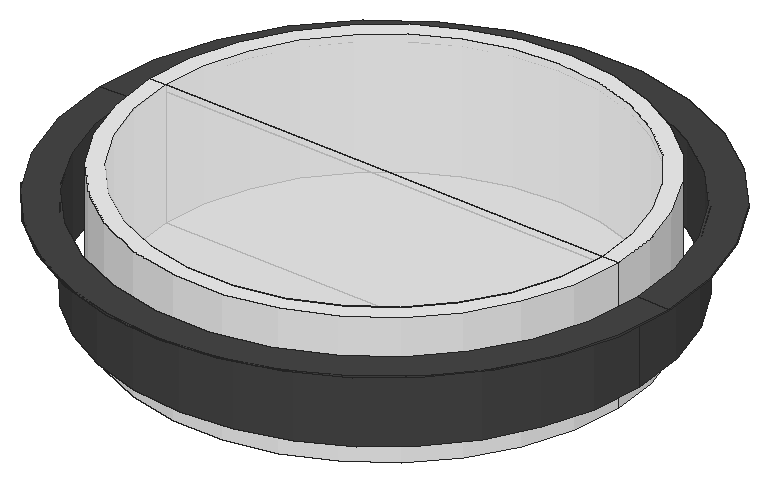
Revit family "Lighting_Fixture-Prudential_Lighting-P4000_Semi_recessed", category Lighting Fixtures, host Face, Revit 2015
Parameters (values of type "Not a Type - Load Type Catalog")
  Wattage Comments = "18W per Lamp"
  Wattage = 9.2903 W
  built-in parameter 1150110 = 1 (stored number, unit not read)
  Voltage = 120 V
  URL = "http://www.prulite.com"
  Total Lumens = 3750 lm
  built-in parameter 1114217 = 1 (stored number, unit not read)
  Tilt Angle = 90.00° - Fixture Rotation  # 90.00°
  built-in parameter 1150109 = 1 (stored number, unit not read)
  built-in parameter 1150134 = 3
  built-in parameter 1150113 = 1 (stored number, unit not read)
  Shielding Material = Acrylic - Prudential Lighting - White
  Semi Recessed = 0' - 4"
  Product Page URL = "http://www.prulite.com/product/p4000-semi-recessed/"
  Product Name = "Sky Oculus P4000"  # constant formula
  Product Documentation Link = "http://www.prulite.com/prod/f/3165/P4000_Semi-Recess-spec.pdf"
  Power Factor = 1
  Photometric Web File = "generic"
  Phase = 1
  Overall Height [instance] = if(Convex Shielding, 0' 6", 0' 5")  # 0' - 5"
  Recessed Kit = Nominal Diameter + 0' 1 5/8"  # 1' - 7 5/8"
  Number of Poles = 1
  built-in parameter 1150142 = (empty or 0)
  Nominal Diameter = 1' - 6"
  Model = "P4018-3BX18w-WA-YGW-D1-SUR"
  Material = ""
  Manufacturer = "Prudential Lighting"  # constant formula
  built-in parameter 1150105 = 109.82 (stored number, unit not read)
  Lumens = 1380 lm
  built-in parameter 1150115 = 1 (stored number, unit not read)
  Load Classification = Lighting
  Light Rotation Location = if(Fixture Rotation < 9.50°, 0' 0", 0' 0 1/2")  # 0' - 0"
  built-in parameter 1150137 = (empty or 0)
  built-in parameter 1150139 = (empty or 0)
  built-in parameter 1150112 = 1 (stored number, unit not read)
  Lamp Quantity = 3
  built-in parameter 1150114 = 1 (stored number, unit not read)
  Lamp = "Biax"
  built-in parameter 1150132 = (empty or 0)
  built-in parameter 1150102 = (empty or 0)
  built-in parameter 1150107 = 3200 (stored number, unit not read)
  built-in parameter 1150138 = (empty or 0)
  built-in parameter 1150106 = 1.0982 (stored number, unit not read)
  Housing Material = Steel - Prudential Lighting - White
  Frequency = 60 Hz
  Flat Shielding [instance] = yes
  Fixture Rotation = 0.00°
  Emit from Line Length = 2' - 0"
  Emergency Lighting [instance] = no
  built-in parameter 1150104 = 13.8 (stored number, unit not read)
  Dimming Lamp Color Temperature Shift = (empty or 0)
  Description = "Semi-Recessed Direct Lighting"  # constant formula
  Default Elevation = 0' - 0"
  Convex Shielding [instance] = not(Flat Shielding)  # no
  Color Filter = 16777215
  built-in parameter 1140040 [instance] = 1
  built-in parameter 1114218 = 1 (stored number, unit not read)
  built-in parameter 1150133 = 10 (stored number, unit not read)
  Assembly Code = "D5020210"
  Apparent Load = 54 VA
Values of the unnamed type that differ from the named types
  Product Page URL = "http://www.prulite.com/prod/?id=136"
Reference planes (in)
  plane 1 "Center (Front/Back)": y = 0
  plane 2: z = 0
  plane 3 "Center (Left/Right)": x = 0
  plane 4: z = 0
  plane 5: x = 9
  plane 6: x = -9
  plane 7: y = 9
  plane 8: y = -9
  plane 9: z = 0.25
  plane 10: z = 1
  plane 11: z = -4
  plane 12: x = -9.8125
  plane 13: x = 9.8125
  plane 14: x = 0
Forms (in)
  Revolve 1, solid, material "Steel - Prudential Lighting - Black"
    sketch origin (0, 0, 0) x (1, 0, 0) y (0, 0, 1)
      loop
        line (-9.8125, 0) -> (-9.8125, -3) -> (-9.75, -3) -> (-9.75, 0.07956) -> (-10.9375, 0.05) -> (-10.9375, 0) -> (-9.8125, 0)
      axis (0, 0.07956) -> (0, -3)
    angle from 0 to 360
  Revolve 2, void
    sketch origin (0, 0, 0) x (1, 0, 0) y (0, 0, 1)
      loop
        line (9.8125, 0) -> (0, 0) -> (0, -4) -> (9.8125, -4) -> (9.8125, 0)
      axis (0, 0) -> (0, -4)
    angle from 0 to 360
Lines and regions (in)
  Masking region 1, visible <- "Emergency Lighting"
    outline origin (0, 0, 0) x (1, 0, 0) y (0, 1, 0)
      loop
        circle (0, 0) r 9
  Masking region 2
    outline origin (0, 0, 0) x (1, 0, 0) y (0, 1, 0)
      loop
        circle (0, 0) r 10.9375
      loop
        circle (0, 0) r 9.75
  Masking region 3, not visible
    outline origin (0, 0, 0) x (1, 0, 0) y (0, 1, 0)
      loop
        circle (0, 0) r 9
Dimensions and locks (in)
  equal spacing: plane 8, plane 1 "Center (Front/Back)", plane 7
  equal spacing: plane 6, plane 3 "Center (Left/Right)", plane 5
  "Nominal Diameter": plane 6 to plane 5
  "Nominal Diameter": plane 8 to plane 7
  locked: plane 1 "Center (Front/Back)" to Masking region 1 sketch curve at 0
  locked: plane 3 "Center (Left/Right)" to Masking region 1 sketch curve at 0
  "Semi Recessed": plane 4 to plane 11
  "Overall Height": plane 10 to plane 11
  Revolve 1 sketch curve to plane 4 to Revolve 1 sketch curve to Revolve 1 sketch curve = 0' - 3" locked, 0' - 0.05" locked, 0' - 0.02956" locked
  Revolve 1 sketch curve to plane 12 to Revolve 1 sketch curve = 0' - 0 1/16" locked, 0' - 1 1/8" locked
  locked: nested 2 to plane 10
  "Recessed Kit": plane 12 to plane 13
  equal spacing: plane 12, plane 3 "Center (Left/Right)", plane 13
  "Light Rotation Location": plane 14 to plane 3 "Center (Left/Right)"
  locked: plane 13 to Masking region 2 sketch curve at 1.125
  locked: plane 1 "Center (Front/Back)" to Masking region 2 sketch curve at 0  (x2)
  locked: Masking region 2 sketch curve to plane 13 at 0.0625
  locked: plane 7 to Masking region 3 sketch curve at 0
  locked: plane 5 to Masking region 3 sketch curve at 0
  locked: Masking region 1 sketch curve to Masking region 1 sketch curve (radius 0' - 9")
  aligned and locked: plane 2 to host face
  aligned and locked: level to host face
  aligned and locked: plane 3 "Center (Left/Right)" to nested 1
  aligned and locked: plane 1 "Center (Front/Back)" to nested 1
  aligned and locked: plane 4 to Revolve 1 sketch curve
  aligned and locked: plane 12 to Revolve 1 sketch curve
  aligned and locked: plane 13 to Revolve 2 sketch curve
  aligned and locked: Revolve 2 sketch curve to plane 4
  aligned and locked: plane 11 to Revolve 2 sketch curve
  aligned and locked: Revolve 2 sketch curve to plane 3 "Center (Left/Right)"
  aligned and locked: plane 3 "Center (Left/Right)" to Revolve 2 sketch curve
  aligned and locked: Revolve 1 sketch curve to plane 3 "Center (Left/Right)"
  aligned and locked: nested 2 to plane 14
Automatic sketch dimensions
  host sketch curve to host sketch curve = 8' - 0"  (x2)
  Revolve 1 sketch curve to plane 11 = 1' - 4 1/4"
  plane 10 to Revolve 1 sketch curve = 1' - 7 1/4"
  Revolve 2 sketch curve to plane 11 = 0' - 11"
  plane 10 to Revolve 2 sketch curve = 1' - 1 3/4"
  Masking region 2 sketch curve to Masking region 2 sketch curve = 0' - 0"
  Masking region 2 sketch curve to plane 3 "Center (Left/Right)" = 0' - 0"
  Masking region 3 sketch curve to plane 3 "Center (Left/Right)" = 0' - 0"
Nested families (in)
  nested 1: "Emergency Light Detail" at (0, 0, 0), visible <- "Emergency Lighting", type "Standard"
    with Radius 0' - 9"
  nested 2: "Fixture Rotation" at (0, 0, 1) x (-1, 0, 0) z (0, 0, 1), type "Fixture Rotation"
Connectors (in)
  electrical at (0, 0, -3), driven by "Voltage", driven by "Apparent Load", driven by "Power Factor"
    settings: on Revolve 1, index 1, voltage 120 V, apparent load 0 VA, apparent load phase1 54 VA, apparent load phase2 0 VA, apparent load phase3 0 VA, power factor 1, load classification "Other", number of poles 1, system type 31, power factor state 1, is connector primary yes, connector utility no, sub classification motor no, connector description "Power Connector"
Definition of nested family "Fixture Rotation"
  Parameters
    Wattage = 9.2903 W
    built-in parameter 1150110 = 1 (stored number, unit not read)
    built-in parameter 1114217 = 1 (stored number, unit not read)
    Tilt Angle = 90.00°
    built-in parameter 1150109 = 1 (stored number, unit not read)
    built-in parameter 1150134 = 3
    built-in parameter 1150113 = 1 (stored number, unit not read)
    Shielding Material = none
    Rotation = 0.00°
    Photometric Web File = "generic"
    built-in parameter 1150142 = (empty or 0)
    built-in parameter 1150105 = 109.82 (stored number, unit not read)
    Lumens = 1380 lm
    built-in parameter 1150115 = 1 (stored number, unit not read)
    built-in parameter 1150137 = (empty or 0)
    built-in parameter 1150139 = (empty or 0)
    built-in parameter 1150112 = 1 (stored number, unit not read)
    built-in parameter 1150114 = 1 (stored number, unit not read)
    built-in parameter 1150132 = (empty or 0)
    built-in parameter 1150102 = (empty or 0)
    built-in parameter 1150107 = 3200 (stored number, unit not read)
    built-in parameter 1150138 = (empty or 0)
    built-in parameter 1150106 = 1.0982 (stored number, unit not read)
    Flat Shielding = yes
    Fixture Rotation = Rotation + 90.00°  # 90.00°
    Emit from Circle Diameter = 2' - 0"
    Emit Shape Visible in Rendering = no
    built-in parameter 1150104 = 13.8 (stored number, unit not read)
    Dimming Lamp Color Temperature Shift = (empty or 0)
    Diameter = 1' - 6"
    Convex Shielding = no
    Color Filter = 16777215
    Casing = none
    built-in parameter 1114218 = 1 (stored number, unit not read)
    built-in parameter 1150133 = 10 (stored number, unit not read)
  Reference planes (in)
    plane 1 "Center (Front/Back)": y = 0
    plane 2: z = 0
    plane 3 "Center (Left/Right)": x = 0
    plane 4: z = 0
  Dimensions and locks (in)
    locked: plane 3 "Center (Left/Right)" to plane 4 at 0
    "Fixture Rotation": angle plane 4 to plane 3 "Center (Left/Right)"
    aligned and locked: plane 2 to level
    aligned and locked: nested 1 to plane 4
    aligned and locked: plane 3 "Center (Left/Right)" to nested 1
  Nested families (in)
    nested 1: "Geometry" at (0, 0, -5), type "Geometry"
      with Convex Shielding Visibility no
  Definition of nested family "Geometry"
    Parameters
      Shielding Material = none
      Flat Shielding Visibility = yes
      Diameter = 1' - 6"
      Default Elevation = 4' - 0"
      Convex Shielding Visibility = yes
      Casing = none
    Reference planes (in)
      plane 1 "Center (Front/Back)": y = 0
      plane 2: z = 0
      plane 3 "Center (Left/Right)": x = 0
      plane 4: x = -9
      plane 5: y = 9
      plane 6: y = -9
      plane 7: x = 9
      plane 8: z = 5
    Forms (in)
      Revolve 1, solid, material <- "Casing"
        sketch origin (0, 0, 3) x (1, 0, 0) y (0, 0, 1)
          loop
            line (0, -3) -> (0, -2.75) -> (-8.39844, -2.75) -> (-8.39844, 2) -> (-9, 2) -> (-9, -3) -> (0, -3)
          axis (0, 2) -> (0, -3)
        angle from 0 to 360
      Revolve 2, solid, material <- "Shielding Material", visible <- "Flat Shielding Visibility"
        sketch origin (0, 0, 5.75) x (1, 0, 0) y (0, 0, 1)
          loop
            line (8.39844, -1) -> (8.39844, -0.75) -> (0, -0.75) -> (0, -1) -> (8.39844, -1)
          axis (0, -1) -> (0, -0.75)
        angle from 0 to 360
      Revolve 3, solid, material <- "Shielding Material", visible <- "Convex Shielding Visibility"
        sketch origin (-1.08156, 0, 2.4213) x (1, 0, 0) y (0, 0, 1)
          loop
            line (9.48, 2.3287) -> (9.48, 2.5787)
            arc (9.48, 2.5787) -> (5.31044, 3.32782) -> (1.08156, 3.5787) r 35.76688
            line (1.08156, 3.5787) -> (1.08156, 3.3287)
            arc (1.08156, 3.3287) -> (5.31044, 3.07782) -> (9.48, 2.3287) r 35.76688
          axis (1.08156, 2.3287) -> (1.08156, 3.5787)
        angle from 0 to 360
    Dimensions and locks (in)
      equal spacing: plane 4, plane 3 "Center (Left/Right)", plane 7
      equal spacing: plane 6, plane 1 "Center (Front/Back)", plane 5
      "Diameter": plane 6 to plane 5
      "Diameter": plane 4 to plane 7
      plane 2 to Revolve 1 sketch curve to Revolve 1 sketch curve = 0' - 0 1/4" locked, 0' - 4 3/4" locked
      locked: plane 4 to Revolve 1 sketch curve at 0.60156
      locked: plane 7 to Revolve 2 sketch curve at 0.60156
      plane 2 to Revolve 2 sketch curve to Revolve 2 sketch curve = 0' - 4 3/4" locked, 0' - 0 1/4" locked
      locked: plane 7 to Revolve 3 sketch curve at 0.60156
      plane 2 to Revolve 3 sketch curve to Revolve 3 sketch curve = 0' - 4 3/4" locked, 0' - 0 1/4" locked
      plane 2 to Revolve 3 sketch curve to Revolve 3 sketch curve = 0' - 5 3/4" locked, 0' - 0 1/4" locked
      locked: plane 8 to plane 2 at 5
      aligned and locked: plane 2 to level
      aligned and locked: Revolve 1 sketch curve to plane 2
      aligned and locked: plane 4 to Revolve 1 sketch curve
      aligned and locked: plane 3 "Center (Left/Right)" to Revolve 1 sketch curve
      aligned and locked: Revolve 2 sketch curve to plane 3 "Center (Left/Right)"  (x2)
      aligned and locked: Revolve 3 sketch curve to plane 3 "Center (Left/Right)"
      aligned and locked: plane 3 "Center (Left/Right)" to Revolve 3 sketch curve
    Automatic sketch dimensions
      Revolve 1 sketch curve to plane 3 "Center (Left/Right)" = 0' - 0"
      Revolve 1 sketch curve to level = 1' - 4 1/2"
      Revolve 1 sketch curve to Revolve 1 sketch curve = 3' - 5"
      Revolve 2 sketch curve to Revolve 2 sketch curve = 0' - 0"  (x2)
      Revolve 3 sketch curve to Revolve 3 sketch curve = 0' - 1"
      Revolve 3 sketch curve to Revolve 3 sketch curve = 0' - 0 1/4"
Definition of nested family "Emergency Light Detail"
  Parameters
    Radius [instance] = 1' - 0"
    Assembly Code = ""
  Reference planes (in)
    plane 1 "Center (Front/Back)": y = 0
    plane 2: z = 0
    plane 3 "Center (Left/Right)": x = 0
  Lines and regions (in)
    Filled region 1, type "Solid Fill - Black", in view "Ref. Level"
      outline origin (0, 0, 0) x (1, 0, 0) y (0, 1, 0)
        loop
          line (0, 0) -> (8.48528, -8.48528)
          arc (8.48528, -8.48528) -> (8.48528, 8.48528) -> (-8.48528, 8.48528) r 12
          line (-8.48528, 8.48528) -> (0, 0)
  Dimensions and locks (in)
    locked: plane 3 "Center (Left/Right)" to Filled region 1 sketch curve
    locked: plane 1 "Center (Front/Back)" to Filled region 1 sketch curve
    "Radius": radius of Filled region 1 sketch curve
    locked: Filled region 1 sketch curve to plane 1 "Center (Front/Back)" (angle 45.00°)
    locked: plane 3 "Center (Left/Right)" to Filled region 1 sketch curve (angle 45.00°)
    aligned and locked: plane 3 "Center (Left/Right)" to Filled region 1 sketch curve
    aligned and locked: plane 1 "Center (Front/Back)" to Filled region 1 sketch curve
Types in the file's own list only (60): name | Wattage Comments | Voltage | Total Lumens | Semi Recessed | Photometric Web File | Phase | Recessed Kit | Nominal Diameter | Model | Lamp Quantity | Lamp
  P4018-3Bx18w-120V-SMR4 | "18W" | 120 V | 1250 lm | 0' - 4" | "P3918-3BX-WA-D1.IES" | 1 | 1' - 7 5/8" | 1' - 6" | "P4018-3Bx18w-120V-SMR4" | 3 | "Biax"
  P4018-3Bx18w-277V-SMR4 | "18W" | 277 V | 1250 lm | 0' - 4" | "P3918-3BX-WA-D1.IES" | 2 | 1' - 7 5/8" | 1' - 6" | "P4018-3Bx18w-277V-SMR4" | 3 | "Biax"
  P4018-3Bx18w-347V-SMR4 | "18W" | 347 V | 1250 lm | 0' - 4" | "P3918-3BX-WA-D1.IES" | 2 | 1' - 7 5/8" | 1' - 6" | "P4018-3Bx18w-347V-SMR4" | 3 | "Biax"
  P4020-1T8U6-120V-SMR4 | "18W" | 120 V | 2750 lm | 0' - 4" | "P3920-1T8U6-WA-D1.IES" | 1 | 2' - 1 5/8" | 2' - 0" | "P4020-1T8U6-120V-SMR4" | 1 | "1T8"
  P4020-1T8U6-277V-SMR4 | "18W" | 277 V | 2750 lm | 0' - 4" | "P3920-1T8U6-WA-D1.IES" | 2 | 2' - 1 5/8" | 2' - 0" | "P4020-1T8U6-277V-SMR4" | 1 | "1T8"
  P4020-1T8U6-347V-SMR4 | "18W" | 347 V | 2750 lm | 0' - 4" | "P3920-1T8U6-WA-D1.IES" | 2 | 2' - 1 5/8" | 2' - 0" | "P4020-1T8U6-347V-SMR4" | 1 | "1T8"
  P4020-2Bx39w-120V-SMR4 | "39W" | 120 V | 5700 lm | 0' - 4" | "P3920-2BX39w-WA-D1.IES" | 1 | 2' - 1 5/8" | 2' - 0" | "P4020-2Bx39w-120V-SMR4" | 2 | "1T8"
  P4020-2Bx39w-277V-SMR4 | "39W" | 277 V | 5700 lm | 0' - 4" | "P3920-2BX39w-WA-D1.IES" | 2 | 2' - 1 5/8" | 2' - 0" | "P4020-2Bx39w-277V-SMR4" | 2 | "1T8"
  P4020-2Bx39w-347V-SMR4 | "39W" | 347 V | 5700 lm | 0' - 4" | "P3920-2BX39w-WA-D1.IES" | 2 | 2' - 1 5/8" | 2' - 0" | "P4020-2Bx39w-347V-SMR4" | 2 | "1T8"
  P4020-2Bx55w-120V-SMR4 | "55W" | 120 V | 5700 lm | 0' - 4" | "P3920-2BX55w-WA-D9.ies" | 1 | 2' - 1 5/8" | 2' - 0" | "P4020-2Bx55w-120V-SMR4" | 2 | "1T8"
  P4020-2Bx55w-277V-SMR4 | "55W" | 277 V | 5700 lm | 0' - 4" | "P3920-2BX55w-WA-D9.ies" | 2 | 2' - 1 5/8" | 2' - 0" | "P4020-2Bx55w-277V-SMR4" | 2 | "1T8"
  P4020-2Bx55w-347V-SMR4 | "55W" | 347 V | 5700 lm | 0' - 4" | "P3920-2BX55w-WA-D9.ies" | 2 | 2' - 1 5/8" | 2' - 0" | "P4020-2Bx55w-347V-SMR4" | 2 | "1T8"
  P4030-3T8U6-120V-SMR4 | "32W" | 120 V | 2850 lm | 0' - 4" | "P3930-3T8U6-WA-D1.IES" | 1 | 3' - 1 5/8" | 3' - 0" | "P4030-3T8U6-120V-SMR4" | 3 | "3T8U6"
  P4030-3T8U6-277V-SMR4 | "32W" | 277 V | 2850 lm | 0' - 4" | "P3930-3T8U6-WA-D1.IES" | 2 | 3' - 1 5/8" | 3' - 0" | "P4030-3T8U6-277V-SMR4" | 3 | "3T8U6"
  P4030-3T8U6-347V-SMR4 | "32W" | 347 V | 2850 lm | 0' - 4" | "P3930-3T8U6-WA-D1.IES" | 2 | 3' - 1 5/8" | 3' - 0" | "P4030-3T8U6-347V-SMR4" | 3 | "3T8U6"
  P4030-6T5-120V-SMR4 | "21W" | 120 V | 2850 lm | 0' - 4" | "P3930-6T5-WA-D9.ies" | 1 | 3' - 1 5/8" | 3' - 0" | "P4030-6T5-120V-SMR4" | 6 | "6T5"
  P4030-6T5-277V-SMR4 | "21W" | 277 V | 2850 lm | 0' - 4" | "P3930-6T5-WA-D9.ies" | 2 | 3' - 1 5/8" | 3' - 0" | "P4030-6T5-277V-SMR4" | 6 | "6T5"
  P4030-6T5-347V-SMR4 | "21W" | 347 V | 2850 lm | 0' - 4" | "P3930-6T5-WA-D9.ies" | 2 | 3' - 1 5/8" | 3' - 0" | "P4030-6T5-347V-SMR4" | 6 | "6T5"
  P4030-T5HO-120V-SMR4 | "21W" | 120 V | 2850 lm | 0' - 4" | "P4030-5T5-WA-D1.IES" | 1 | 3' - 1 5/8" | 3' - 0" | "P4030-T5HO-120V-SMR4" | 6 | "T5HO"
  P4030-T5HO-277V-SMR4 | "21W" | 277 V | 2850 lm | 0' - 4" | "P4030-5T5-WA-D1.IES" | 2 | 3' - 1 5/8" | 3' - 0" | "P4030-T5HO-277V-SMR4" | 6 | "T5HO"
  P4030-T5HO-347V-SMR4 | "21W" | 347 V | 2850 lm | 0' - 4" | "P4030-5T5-WA-D1.IES" | 2 | 3' - 1 5/8" | 3' - 0" | "P4030-T5HO-347V-SMR4" | 6 | "T5HO"
  P4040-5T8U6-120V-SMR4 | "32W" | 120 V | 2850 lm | 0' - 4" | "P3940-5T8U6-WA-D1.IES" | 1 | 4' - 1 5/8" | 4' - 0" | "P4040-5T8U6-120V-SMR4" | 5 | "5T8U6"
  P4040-5T8U6-277V-SMR4 | "32W" | 277 V | 2850 lm | 0' - 4" | "P3940-5T8U6-WA-D1.IES" | 2 | 4' - 1 5/8" | 4' - 0" | "P4040-5T8U6-277V-SMR4" | 5 | "5T8U6"
  P4040-5T8U6-347V-SMR4 | "32W" | 347 V | 2850 lm | 0' - 4" | "P3940-5T8U6-WA-D1.IES" | 2 | 4' - 1 5/8" | 4' - 0" | "P4040-5T8U6-347V-SMR4" | 5 | "5T8U6"
  P4040-7T5-120V-SMR4 | "21W" | 120 V | 1700 lm | 0' - 4" | "P3940-7T5-WA-D1.IES" | 1 | 4' - 1 5/8" | 4' - 0" | "P4040-7T5-120V-SMR4" | 7 | "7T5"
  P4040-7T5-277V-SMR4 | "21W" | 277 V | 1700 lm | 0' - 4" | "P3940-7T5-WA-D1.IES" | 2 | 4' - 1 5/8" | 4' - 0" | "P4040-7T5-277V-SMR4" | 7 | "7T5"
  P4040-7T5-347V-SMR4 | "21W" | 347 V | 1700 lm | 0' - 4" | "P3940-7T5-WA-D1.IES" | 2 | 4' - 1 5/8" | 4' - 0" | "P4040-7T5-347V-SMR4" | 7 | "7T5"
  P4040-T5HO-120V-SMR4 | "21W" | 120 V | 1700 lm | 0' - 4" | "P3940-7T5-WA-D1.IES" | 1 | 4' - 1 5/8" | 4' - 0" | "P4040-T5HO-120V-SMR4" | 6 | "T5HO"
  P4040-T5HO-277V-SMR4 | "21W" | 277 V | 1700 lm | 0' - 4" | "P3940-7T5-WA-D1.IES" | 2 | 4' - 1 5/8" | 4' - 0" | "P4040-T5HO-277V-SMR4" | 6 | "T5HO"
  P4040-T5HO-347V-SMR4 | "21W" | 347 V | 1700 lm | 0' - 4" | "P3940-7T5-WA-D1.IES" | 2 | 4' - 1 5/8" | 4' - 0" | "P4040-T5HO-347V-SMR4" | 6 | "T5HO"
  P4018-3Bx18w-120V-SMR7 | "18W" | 120 V | 1250 lm | 0' - 7" | "P3918-3BX-WA-D1.IES" | 1 | 1' - 7 5/8" | 1' - 6" | "P4018-3Bx18w-120V-SMR7" | 3 | "Biax"
  P4018-3Bx18w-277V-SMR7 | "18W" | 277 V | 1250 lm | 0' - 7" | "P3918-3BX-WA-D1.IES" | 2 | 1' - 7 5/8" | 1' - 6" | "P4018-3Bx18w-277V-SMR7" | 3 | "Biax"
  P4018-3Bx18w-347V-SMR7 | "18W" | 347 V | 1250 lm | 0' - 7" | "P3918-3BX-WA-D1.IES" | 2 | 1' - 7 5/8" | 1' - 6" | "P4018-3Bx18w-347V-SMR7" | 3 | "Biax"
  P4020-1T8U6-120V-SMR7 | "18W" | 120 V | 2750 lm | 0' - 7" | "P3920-1T8U6-WA-D1.IES" | 1 | 2' - 1 5/8" | 2' - 0" | "P4020-1T8U6-120V-SMR7" | 1 | "1T8"
  P4020-1T8U6-277V-SMR7 | "18W" | 277 V | 2750 lm | 0' - 7" | "P3920-1T8U6-WA-D1.IES" | 2 | 2' - 1 5/8" | 2' - 0" | "P4020-1T8U6-277V-SMR7" | 1 | "1T8"
  P4020-1T8U6-347V-SMR7 | "18W" | 347 V | 2750 lm | 0' - 7" | "P3920-1T8U6-WA-D1.IES" | 2 | 2' - 1 5/8" | 2' - 0" | "P4020-1T8U6-347V-SMR7" | 1 | "1T8"
  P4020-2Bx39w-120V-SMR7 | "39W" | 120 V | 5700 lm | 0' - 7" | "P3920-2BX39w-WA-D1.IES" | 1 | 2' - 1 5/8" | 2' - 0" | "P4020-2Bx39w-120V-SMR7" | 2 | "1T8"
  P4020-2Bx39w-277V-SMR7 | "39W" | 277 V | 5700 lm | 0' - 7" | "P3920-2BX39w-WA-D1.IES" | 2 | 2' - 1 5/8" | 2' - 0" | "P4020-2Bx39w-277V-SMR7" | 2 | "1T8"
  P4020-2Bx39w-347V-SMR7 | "39W" | 347 V | 5700 lm | 0' - 7" | "P3920-2BX39w-WA-D1.IES" | 2 | 2' - 1 5/8" | 2' - 0" | "P4020-2Bx39w-347V-SMR7" | 2 | "1T8"
  P4020-2Bx55w-120V-SMR7 | "55W" | 120 V | 5700 lm | 0' - 7" | "P3920-2BX55w-WA-D9.ies" | 1 | 2' - 1 5/8" | 2' - 0" | "P4020-2Bx55w-120V-SMR7" | 2 | "1T8"
  P4020-2Bx55w-277V-SMR7 | "55W" | 277 V | 5700 lm | 0' - 7" | "P3920-2BX55w-WA-D9.ies" | 2 | 2' - 1 5/8" | 2' - 0" | "P4020-2Bx55w-277V-SMR7" | 2 | "1T8"
  P4020-2Bx55w-347V-SMR7 | "55W" | 347 V | 5700 lm | 0' - 7" | "P3920-2BX55w-WA-D9.ies" | 2 | 2' - 1 5/8" | 2' - 0" | "P4020-2Bx55w-347V-SMR7" | 2 | "1T8"
  P4030-3T8U6-120V-SMR7 | "32W" | 120 V | 2850 lm | 0' - 7" | "P3930-3T8U6-WA-D1.IES" | 1 | 3' - 1 5/8" | 3' - 0" | "P4030-3T8U6-120V-SMR7" | 3 | "3T8U6"
  P4030-3T8U6-277V-SMR7 | "32W" | 277 V | 2850 lm | 0' - 7" | "P3930-3T8U6-WA-D1.IES" | 2 | 3' - 1 5/8" | 3' - 0" | "P4030-3T8U6-277V-SMR7" | 3 | "3T8U6"
  P4030-3T8U6-347V-SMR7 | "32W" | 347 V | 2850 lm | 0' - 7" | "P3930-3T8U6-WA-D1.IES" | 2 | 3' - 1 5/8" | 3' - 0" | "P4030-3T8U6-347V-SMR7" | 3 | "3T8U6"
  P4030-6T5-120V-SMR7 | "21W" | 120 V | 2850 lm | 0' - 7" | "P3930-6T5-WA-D9.ies" | 1 | 3' - 1 5/8" | 3' - 0" | "P4030-6T5-120V-SMR7" | 6 | "6T5"
  P4030-6T5-277V-SMR7 | "21W" | 277 V | 2850 lm | 0' - 7" | "P3930-6T5-WA-D9.ies" | 2 | 3' - 1 5/8" | 3' - 0" | "P4030-6T5-277V-SMR7" | 6 | "6T5"
  P4030-6T5-347V-SMR7 | "21W" | 347 V | 2850 lm | 0' - 7" | "P3930-6T5-WA-D9.ies" | 2 | 3' - 1 5/8" | 3' - 0" | "P4030-6T5-347V-SMR7" | 6 | "6T5"
  P4030-T5HO-120V-SMR7 | "21W" | 120 V | 2850 lm | 0' - 7" | "P4030-5T5-WA-D1.IES" | 1 | 3' - 1 5/8" | 3' - 0" | "P4030-T5HO-120V-SMR7" | 6 | "T5HO"
  P4030-T5HO-277V-SMR7 | "21W" | 277 V | 2850 lm | 0' - 7" | "P4030-5T5-WA-D1.IES" | 2 | 3' - 1 5/8" | 3' - 0" | "P4030-T5HO-277V-SMR7" | 6 | "T5HO"
  P4030-T5HO-347V-SMR7 | "21W" | 347 V | 2850 lm | 0' - 7" | "P4030-5T5-WA-D1.IES" | 2 | 3' - 1 5/8" | 3' - 0" | "P4030-T5HO-347V-SMR7" | 6 | "T5HO"
  P4040-5T8U6-120V-SMR7 | "32W" | 120 V | 2850 lm | 0' - 7" | "P3940-5T8U6-WA-D1.IES" | 1 | 4' - 1 5/8" | 4' - 0" | "P4040-5T8U6-120V-SMR7" | 5 | "5T8U6"
  P4040-5T8U6-277V-SMR7 | "32W" | 277 V | 2850 lm | 0' - 7" | "P3940-5T8U6-WA-D1.IES" | 2 | 4' - 1 5/8" | 4' - 0" | "P4040-5T8U6-277V-SMR7" | 5 | "5T8U6"
  P4040-5T8U6-347V-SMR7 | "32W" | 347 V | 2850 lm | 0' - 7" | "P3940-5T8U6-WA-D1.IES" | 2 | 4' - 1 5/8" | 4' - 0" | "P4040-5T8U6-347V-SMR7" | 5 | "5T8U6"
  P4040-7T5-120V-SMR7 | "21W" | 120 V | 1700 lm | 0' - 7" | "P3940-7T5-WA-D1.IES" | 1 | 4' - 1 5/8" | 4' - 0" | "P4040-7T5-120V-SMR7" | 7 | "7T5"
  P4040-7T5-277V-SMR7 | "21W" | 277 V | 1700 lm | 0' - 7" | "P3940-7T5-WA-D1.IES" | 2 | 4' - 1 5/8" | 4' - 0" | "P4040-7T5-277V-SMR7" | 7 | "7T5"
  P4040-7T5-347V-SMR7 | "21W" | 347 V | 1700 lm | 0' - 7" | "P3940-7T5-WA-D1.IES" | 2 | 4' - 1 5/8" | 4' - 0" | "P4040-7T5-347V-SMR7" | 7 | "7T5"
  P4040-T5HO-120V-SMR7 | "21W" | 120 V | 1700 lm | 0' - 7" | "P3940-7T5-WA-D1.IES" | 1 | 4' - 1 5/8" | 4' - 0" | "P4040-T5HO-120V-SMR7" | 6 | "T5HO"
  P4040-T5HO-277V-SMR7 | "21W" | 277 V | 1700 lm | 0' - 7" | "P3940-7T5-WA-D1.IES" | 2 | 4' - 1 5/8" | 4' - 0" | "P4040-T5HO-277V-SMR7" | 6 | "T5HO"
  P4040-T5HO-347V-SMR7 | "21W" | 347 V | 1700 lm | 0' - 7" | "P3940-7T5-WA-D1.IES" | 2 | 4' - 1 5/8" | 4' - 0" | "P4040-T5HO-347V-SMR7" | 6 | "T5HO"
